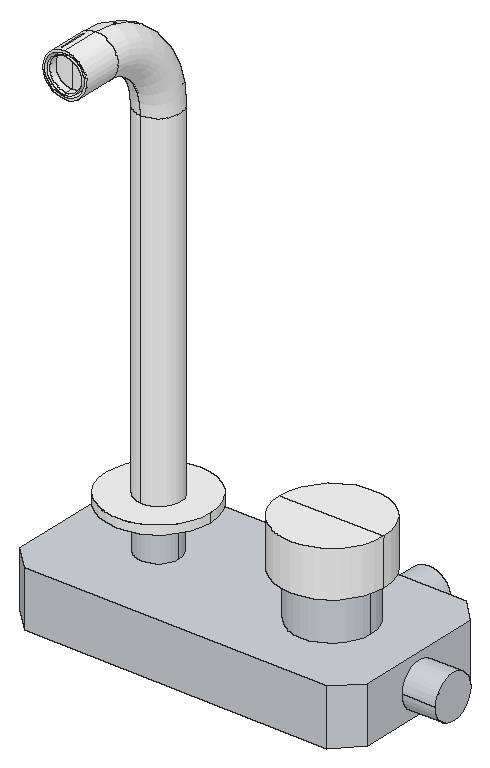
Revit family "Reece_Tap_Milli_Pure_Bath Mixer System_250 mm Reach", category Plumbing Fixtures, host Face, Revit 2018
Family settings
  Host = Face
  Round Connector Dimension = Use Diameter
  Part Type = Normal
  Cut with Voids When Loaded = No
  Shared = Yes
  Room Calculation Point = Yes
Parameters (values of type "Chrome")
  WFU = 0  # constant formula
  URL = "https://www.reece.com.au/product/-2299027"
  Type Comments = "Tap"
  Reece_Tap_Reach = 250 mm  # constant formula
  Reece_Tap_Inlet = 25 mm  # constant formula
  Reece_Product_Web Page = "https://www.reece.com.au/product/-2299027"
  Reece_Product_Type = "Tap"  # constant formula
  Reece_Product_Sub Brand = "Pure"  # constant formula
  Reece_Product_Number = "2299027"
  Reece_Product_Mount = "Wall Mounted"
  Reece_Product_Description = "Milli Pure Progressive Wall Bath Mixer Tap System 250mm Chrome"
  Reece_Product_Brand = "Milli"  # constant formula
  Reece_Overall_Length = 262.5 mm  # constant formula
  Reece_Material-Main = Reece_Brass_Chrome
  Reece_Detail_Installation = ""
  Reece_Detail_Disclaimer = "THIS FILE IS THE PROPERTY OF THE REECE GROUP. IT MAY NOT BE REPRODUCED, REVERSE-ENGINEERED OR MODIFIED. ANY REPUBLICATION, TRANSMISSION OR DISTRIBUTION FOR THE PURPOSE OF COMMERCIALLY EXPLOITING THE FILES IS PROHIBITED."  # constant formula
  Reece_Detail_Connector = ""
  Reece_Detail_Additional = "Bath Mixer System"  # constant formula
  Model = "Pure"
  Manufacturer = "Milli"
  Keynote = "Product #2299027, Reece_Tap_Milli_Pure_Bath Mixer System_250 mm Reach - Chrome"
  HWFU = 0  # constant formula
  Disclaimer = "THIS FILE IS THE PROPERTY OF THE REECE GROUP. IT MAY NOT BE REPRODUCED, REVERSE-ENGINEERED OR MODIFIED. ANY REPUBLICATION, TRANSMISSION OR DISTRIBUTION FOR THE PURPOSE OF COMMERCIALLY EXPLOITING THE FILES IS PROHIBITED."  # constant formula
  Description = "Milli Pure Progressive Wall Bath Mixer Tap System 250mm Chrome"
  Default Elevation = 1000 mm
  CWFU = 0  # constant formula
Types (7, lengths in mm): name | URL | Reece_Product_Web Page | Reece_Product_Number | Reece_Product_Description | Reece_Material-Main | Keynote | Description
  (no name) | "https://www.reece.com.au/product/-2299036" | "https://www.reece.com.au/product/-2299036" | "2299036" | "Milli Pure Progressive Wall Bath Mixer Tap System 250mm Brushed Gunmetal" | Reece_Brass_Brushed Gunmetal | "Product #2299036, Reece_Tap_Milli_Pure_Bath Mixer System_250 mm Reach -  " | "Milli Pure Progressive Wall Bath Mixer Tap System 250mm Brushed Gunmetal"
  Brushed Gunmetal | "https://www.reece.com.au/product/-2299036" | "https://www.reece.com.au/product/-2299036" | "2299036" | "Milli Pure Progressive Wall Bath Mixer Tap System 250mm Brushed Gunmetal" | Reece_Brass_Brushed Gunmetal | "Product #2299036, Reece_Tap_Milli_Pure_Bath Mixer System_250 mm Reach - Brushed Gunmetal" | "Milli Pure Progressive Wall Bath Mixer Tap System 250mm Brushed Gunmetal"
  Brushed Nickel | "https://www.reece.com.au/product/-2299290" | "https://www.reece.com.au/product/-2299290" | "2299290" | "Milli Pure Progressive Wall Bath Mixer Tap System 250mm Brushed Nickel" | Reece_Brass_Brushed Nickel | "Product #2299290, Reece_Tap_Milli_Pure_Bath Mixer System_250 mm Reach - Brushed Nickel" | "Milli Pure Progressive Wall Bath Mixer Tap System 250mm Brushed Nickel"
  Chrome | "https://www.reece.com.au/product/-2299027" | "https://www.reece.com.au/product/-2299027" | "2299027" | "Milli Pure Progressive Wall Bath Mixer Tap System 250mm Chrome" | Reece_Brass_Chrome | "Product #2299027, Reece_Tap_Milli_Pure_Bath Mixer System_250 mm Reach - Chrome" | "Milli Pure Progressive Wall Bath Mixer Tap System 250mm Chrome"
  Matte Black | "https://www.reece.com.au/product/-2299030" | "https://www.reece.com.au/product/-2299030" | "2299030" | "Milli Pure Progressive Wall Bath Mixer Tap System 250mm Matte Black" | Reece_Brass_Matte Black | "Product #2299030, Reece_Tap_Milli_Pure_Bath Mixer System_250 mm Reach - Matte Black" | "Milli Pure Progressive Wall Bath Mixer Tap System 250mm Matte Black"
  PVD Brushed Bronze | "https://www.reece.com.au/product/-9511154" | "https://www.reece.com.au/product/-9511154" | "9511154" | "Milli Pure Progressive Bath Mixer Tap System 250mm PVD Brushed Bronze" | Reece_PVD_Brushed Bronze | "Product #9511154, Reece_Tap_Milli_Pure_Bath Mixer System_250 mm Reach - PVD Brushed Bronze" | "Milli Pure Progressive Bath Mixer Tap System 250mm PVD Brushed Bronze"
  PVD Brushed Gold | "https://www.reece.com.au/product/-9510969" | "https://www.reece.com.au/product/-9510969" | "9510969" | "Milli Pure Progressive Bath Mixer Tap System 250mm PVD Brushed Gold" | Reece_PVD_Brushed Gold | "Product #9510969, Reece_Tap_Milli_Pure_Bath Mixer System_250 mm Reach - PVD Brushed Gold" | "Milli Pure Progressive Bath Mixer Tap System 250mm PVD Brushed Gold"
Reference planes
  plane 1 "Center (Front/Back)": y = 0
  plane 2 "Bottom": z = 0
  plane 3 "Center (Left/Right)": x = 0
  plane 4 "Top": z = 262.5
  plane 5: z = 250
  plane 6: x = -50
  plane 7: x = 50
  plane 8: y = -67.454
  plane 9: y = 12.5
  plane 10 "Center L/U": z = 237.5
Forms (mm)
  Extrusion 1, solid, material "Reece_Brass_Chrome" <- "Reece_Material-Main"
    sketch origin (-50, 0, 0) x (1, 0, 0) y (0, 1, 0)
      loop
        circle (0, 0) r 30
      loop
        circle (0, 0) r 12.5
    from 0 to 5
  Extrusion 2, solid
    sketch origin (0, 0, 0) x (1, 0, 0) y (0, 1, 0)
      loop
        line (-87, 50) -> (-100, 37) -> (-100, -37) -> (-87, -50) -> (87, -50) -> (100, -37) -> (100, 37) -> (87, 50) -> (-87, 50)
    from -57 to -25
  Extrusion 3, void
    sketch origin (0, 0, 0) x (1, 0, 0) y (0, 1, 0)
      loop
        circle (50, 0) r 26
      loop
        circle (-50, 0) r 13
    from -25 to 0
  Extrusion 4, solid
    sketch origin (0, 0, 0) x (1, 0, 0) y (0, 1, 0)
      loop
        circle (50, 0) r 22.5
    from -25 to 0
  Extrusion 5, solid
    sketch origin (0, 0, 0) x (1, 0, 0) y (0, 1, 0)
      loop
        circle (-50, 0) r 12
    from -25 to 0
  Extrusion 6, solid
    sketch origin (-0.101, 0.084, 0) x (0.999999, -0.001684, 0) y (0, 0, -1)
      loop
        circle (50, 41) r 12.5
    from 50 to 69.637
  Extrusion 7, solid
    sketch origin (50.105, -50.084, 0) x (-0.001684, 0.999999, 0) y (0, 0, 1)
      loop
        circle (50, -41) r 12.5
    from 50 to 69.637
  Revolve 8, solid, material "Reece_Brass_Chrome" <- "Reece_Material-Main"
    sketch origin (-50.065, -0.423, 61.172) x (0, 1, 0) y (0, 0, 1)
      loop
        line (-66.132, 198.215) -> (-62.1, 198.215) -> (-62.1, 188.828) -> (-59.9, 188.828) -> (-59.9, 198.815) -> (-67.032, 198.815) -> (-66.132, 198.215)
      axis (-67.032, 188.828) -> (-59.9, 188.828)
    angle from 0 to 360
  Revolve 9, solid, material "Reece_Brass_Chrome" <- "Reece_Material-Main"
    sketch origin (0, 0, 0) x (1, 0, 0) y (0, 0, 1)
      loop
        line (80, 28) -> (50, 28) -> (50, 0) -> (77, 0) -> (77, 1.564) -> (80, 1.564) -> (80, 28)
      axis (50, 28) -> (50, 0)
    angle from 0 to 360
  Sweep 10, solid, material "Reece_Brass_Chrome" <- "Reece_Material-Main"
    path origin (0, 0, 0) x (0, 1, 0) y (0, 0, 1)
      loop
        line (-67.454, 249.986) -> (-45, 249.986)
        arc (-45, 249.986) -> (-13.18, 236.806) -> (0, 204.986) r 45
        line (0, 204.986) -> (0, 0)
    profile origin (0, -56.227, 249.986) x (0, 0, 1) y (1, 0, 0)
      loop
        circle (0, -50) r 12.5
      loop
        circle (0, -50) r 11.5
Cuts and joins
  Extrusion 3 cuts Extrusion 1
  joined: Extrusion 2, Extrusion 6, Extrusion 7
Text (mm)
  text "Reece Copyright © 2018, Reece Ltd." at (-291.118, -202.127, 0), in view "Ref. Level"
  text "Reece ©" at (-9.077, 133.301, 120.157), in view "Reece Preview"
Dimensions and locks
  "Reece_Tap_Reach": plane 5 to plane 2 "Bottom"
  "Reece_Overall_Length": plane 4 "Top" to level
  plane 4 "Top" to plane 10 "Center L/U" = 25 mm  (x2)
  plane 6 to plane 7 = 100 mm  (x3)
  plane 8 to plane 9 = 79.954 mm
  aligned and locked: plane 2 "Bottom" to host face
  aligned and locked: level to host face
  aligned and locked: level to Extrusion 3
  aligned and locked: Extrusion 3 to Extrusion 4
  aligned and locked: Extrusion 2 to Extrusion 4
Automatic sketch dimensions
  host sketch curve to host sketch curve = 380.785 mm
  host sketch curve to host sketch curve = 317.421 mm
  Extrusion 1 sketch curve to Extrusion 1 sketch curve = 0 mm  (x6)
  plane 1 "Center (Front/Back)" to Extrusion 1 sketch curve = 0 mm
  Extrusion 1 sketch curve to plane 6 = 0 mm
  Extrusion 1 sketch curve to plane 6 = 12.5 mm
  Extrusion 2 sketch curve to plane 6 = 50 mm
  Extrusion 2 sketch curve to Extrusion 2 sketch curve = 13 mm  (x6)
  Extrusion 2 sketch curve to plane 7 = 37 mm  (x2)
  plane 1 "Center (Front/Back)" to Extrusion 2 sketch curve = 50 mm
  Extrusion 2 sketch curve to plane 1 "Center (Front/Back)" = 37 mm  (x2)
  plane 1 "Center (Front/Back)" to Extrusion 3 sketch curve = 0 mm  (x2)
  Extrusion 3 sketch curve to plane 6 = 0 mm
  Extrusion 3 sketch curve to plane 7 = 0 mm
  plane 1 "Center (Front/Back)" to Extrusion 4 sketch curve = 0 mm
  Extrusion 4 sketch curve to plane 7 = 0 mm
  plane 1 "Center (Front/Back)" to Extrusion 5 sketch curve = 0 mm
  Extrusion 5 sketch curve to plane 6 = 0 mm
  plane 7 to Revolve 9 sketch curve = 0 mm  (x2)
  Revolve 9 sketch curve to level = 0 mm
  level to Revolve 9 sketch curve = 1.564 mm
  Revolve 9 sketch curve to plane 7 = 27 mm
  Revolve 9 sketch curve to Revolve 9 sketch curve = 3 mm
  Revolve 9 sketch curve to plane 5 = 77.5 mm
  Revolve 8 sketch curve to plane 5 = 0 mm  (x2)
  plane 1 "Center (Front/Back)" to Revolve 8 sketch curve = 62.523 mm
  Revolve 8 sketch curve to Revolve 8 sketch curve = 2.2 mm
  Revolve 8 sketch curve to plane 4 "Top" = 3.114 mm
  Revolve 8 sketch curve to plane 4 "Top" = 2.514 mm
  Revolve 8 sketch curve to Revolve 8 sketch curve = 4.032 mm
  Revolve 8 sketch curve to Revolve 8 sketch curve = 0.9 mm
  Revolve 8 sketch curve to Revolve 8 sketch curve = 4.9 mm
  Revolve 8 sketch curve to Revolve 8 sketch curve = 2.289 mm
  Sweep 10 sketch curve to plane 5 = 0.014 mm
  Sweep 10 sketch curve to Sweep 10 sketch curve = 22.454 mm
  Sweep 10 sketch curve to Sweep 10 sketch curve = 0 mm  (x2)
  profile plane to Sweep 10 sketch curve = 0 mm
  Sweep 10 sketch curve to plane 3 "Center (Left/Right)" = 50 mm
  Sweep 10 sketch curve to plane 1 "Center (Front/Back)" = 0 mm
  Sweep 10 sketch curve to level = 0 mm
  plane 1 "Center (Front/Back)" to Sweep 10 sketch curve = 45 mm
  Extrusion 6 sketch curve to level = 41 mm
  Extrusion 7 sketch curve to level = 41 mm
  Revolve 9 sketch curve to Revolve 9 sketch curve = 26.436 mm
  Revolve 9 sketch curve to level = 53.5 mm
  radius of Extrusion 1 sketch curve = 30 mm
  radius of Extrusion 3 sketch curve = 26 mm
  radius of Extrusion 3 sketch curve = 13 mm
  radius of Extrusion 4 sketch curve = 22.5 mm
  radius of Extrusion 5 sketch curve = 12 mm
  radius of Extrusion 6 sketch curve = 12.5 mm
  radius of Extrusion 7 sketch curve = 12.5 mm
  radius of Sweep 10 sketch curve = 12.5 mm
  radius of Sweep 10 sketch curve = 11.5 mm
Connectors
  piping at (50.017, 69.637, -41), diameter 25, driven by "Reece_Tap_Inlet"
    settings: on Extrusion 6, index 1, connector inside diameter 609.6 mm, connector length 0 mm, flow factor 0, pipe flow 0.0 L/s, pressure drop 0.0 Pa, fitting loss kfactor 0, connector angle 0.00°, fixture units 0, engagement length 0 mm, angle of deflection 0.00°, flow configuration 0, flow direction 1, fitting loss method 0, system type 29, joint type 0, gender type 0, connector reference index -1, connector utility 0, adjustable connector no, is connector primary yes, connector description ""
  piping at (119.658, 0.033, -41), diameter 25, driven by "Reece_Tap_Inlet"
    settings: on Extrusion 7, index 2, connector inside diameter 609.6 mm, connector length 0 mm, flow factor 0, pipe flow 0.0 L/s, pressure drop 0.0 Pa, fitting loss kfactor 0, connector angle 0.00°, fixture units 0, engagement length 0 mm, angle of deflection 0.00°, flow configuration 0, flow direction 1, fitting loss method 0, system type 29, joint type 0, gender type 0, connector reference index -1, connector utility 0, adjustable connector no, is connector primary no, connector description ""
